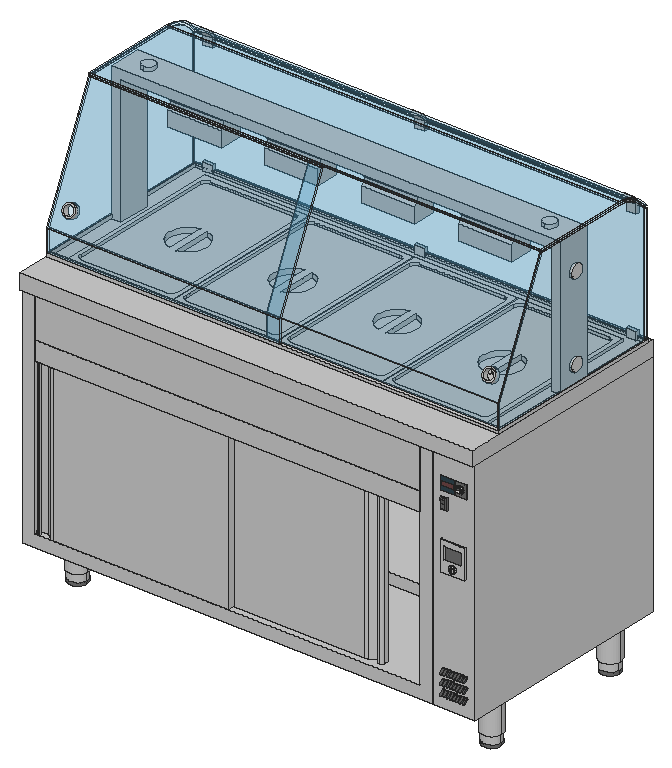
Revit family "QF_INOMAK_MIV714_250606030037", category Specialty Equipment, Revit 2021
Family settings
  Round Connector Dimension = Use Diameter
  Part Type = Normal
  OmniClass Number = 23.40.40.14
  OmniClass Title = Food Service Equipment
  Work Plane-Based = No
  Always vertical = Yes
  Cut with Voids When Loaded = No
  Shared = No
  Room Calculation Point = No
Parameters (values of type "MIV714")
  Weight [instance] = 107.00 kg
  Waste Water Discharge Temperature [instance] = 0 °C
  Waste Remarks [instance] = ""
  Warranty Start Date [instance] = ""
  Warranty Duration [instance] = ""
  Volts [instance] = 400 V
  Volt Free Conn [instance] = no
  URL Recommended Spares List [instance] = ""
  URL Manufacturer [instance] = ""
  URL Cutsheet [instance] = ""
  URL Critical Spares List [instance] = ""
  URL = "www.inomak.com"
  Technical Documentation [instance] = ""
  Tag Number [instance] = ""
  Status [instance] = ""
  Start Up Current [instance] = 0 A
  Specification by User [instance] = ""
  Specification by Manufacturer [instance] = ""
  Sound Level [instance] = ""
  Show Logo [instance] = yes
  Show Clearances [instance] = yes
  Service Life Duration [instance] = ""
  Serial Number [instance] = ""
  Seismic Rating [instance] = ""
  SMACNA No [instance] = ""
  Revision Code [instance] = ""
  Revision [instance] = ""
  Production Year [instance] = ""
  Potential Equalisation [instance] = no
  Point Load [instance] = 0
  Plumbing Remarks [instance] = ""
  Plumbing Connection Type [instance] = ""
  Phase [instance] = 3
  Other Equipment Approvals [instance] = ""
  Operational Current [instance] = 0 A
  Odor Trap Included [instance] = no
  Number of Poles [instance] = 3
  No Load Power Draw [instance] = no
  National Water Regulation Certification [instance] = no
  NAFEM Spec ID Number [instance] = ""
  Model Warning [instance] = ""
  Model = "MIV714"
  Min Ckt Ampacity [instance] = 0 A
  Max Overcurrent Protection [instance] = 25 A
  Masterspec [instance] = ""
  Manufacturer = "INOMAK"
  Main switch integrated [instance] = no
  Length Actual [instance] = 1406 mm
  Item Number [instance] = ""
  Installed By [instance] = ""
  Installation Date [instance] = ""
  Indirect Waste Size [instance] = 25.4 mm
  Indirect Waste Remarks [instance] = ""
  Indirect Waste Flow [instance] = 0.0 L/s
  Indirect Waste Connection Type [instance] = ""
  Indirect Waste Connection Height [instance] = 0 mm
  Identify Quantity as Lot [instance] = no
  ID [instance] = ""
  Hygiene Approval [instance] = ""
  Height Actual [instance] = 1313 mm
  HP power [instance] = ""
  Furnished By [instance] = ""
  Foodservice Equipment Identifier [instance] = no
  FL Amps [instance] = 19.1 A
  Electrical Remarks [instance] = ""
  Electric power [instance] = 4360 W
  Electric Connection Type [instance] = ""
  Elec Conn RI Height [instance] = 0 mm
  Elec Conn Connection Height [instance] = 0 mm
  ETL Approved [instance] = no
  Direct Waste Water Discharge Temperature [instance] = -273.15 °C
  Direct Waste Size [instance] = 25.4 mm
  Direct Waste RI Height [instance] = 0 mm
  Direct Waste Flow [instance] = 0.0 L/s
  Direct Waste Connection Height [instance] = 0 mm
  Description = "BAIN MARIE ON HEATED CUPBOARD WITH 3 GN PANS CAPACITY AND SHOWCASE"
  Depth Actual [instance] = 700 mm
  Default Elevation = 0 mm
  Cycle [instance] = 50 Hz
  Cost = 0
  Connection to energy optimisation system [instance] = yes
  Conn Plug [instance] = ""
  Conn Conduit [instance] = no
  Cold Water Temperature Recommended [instance] = 0 °C
  Cold Water Size [instance] = 12.7 mm
  Cold Water Remarks [instance] = ""
  Cold Water RI Height [instance] = 0 mm
  Cold Water Quality [instance] = ""
  Cold Water Minimum Pressure [instance] = 200000.0 Pa
  Cold Water Maximum Pressure [instance] = 600000.0 Pa
  Cold Water Flow [instance] = 0.0 L/s
  Cold Water Connection Type [instance] = ""
  Cold Water Connection Height [instance] = 0 mm
  Centralized building control system with digital interface [instance] = ""
  CSI MasterFormat [instance] = ""
  CE Approved [instance] = no
  Barcode [instance] = 0
  Author [instance] = ""
  Asset Identifier [instance] = ""
  Apparent Power [instance] = 4360 VA
  Accessory [instance] = no
Reference planes
  plane 1 "Center (Front/Back)": y = 0
  plane 2: z = 0
  plane 3 "Center (Left/Right)": x = 0
Forms (mm)
  Extrusion 1, solid, not visible
    sketch origin (110.005, -510.025, 146.007) x (1, 0, 0) y (0, 1, 0)
      loop
        line (-2, 2) -> (-2, -2) -> (2, -2) -> (2, 2) -> (-2, 2)
    from -2 to 2
  Extrusion 2, solid, not visible
    sketch origin (110.005, -410.02, 146.007) x (1, 0, 0) y (0, 1, 0)
      loop
        line (-2, 2) -> (-2, -2) -> (2, -2) -> (2, 2) -> (-2, 2)
    from -2 to 2
  Extrusion 3, solid, not visible
    sketch origin (1360.066, -635.031, 146.007) x (1, 0, 0) y (0, 1, 0)
      loop
        line (-2, 2) -> (-2, -2) -> (2, -2) -> (2, 2) -> (-2, 2)
    from -2 to 2
Dimensions and locks
  locked: nested 2 to Extrusion 1 at 2  (x2)
  locked: nested 3 to Extrusion 2 at 2  (x2)
  locked: nested 4 to Extrusion 3 at 2  (x2)
  aligned and locked: level to plane 2
Nested families
  nested 1: "QF_INOMAK_CUPBOARD_BAIN_MARIES_1410_2920" at (0, 0, 144), type "MIV714"
    with Weight 107.00 kg, Warranty Start Date "", Warranty Duration "", URL Cutsheet "", Technical Documentation "", Tag Number "", Status "", Specification by User "", Specification by Manufacturer "", Sound Level "", Solid Fuel Type "", Show Logo yes, Show Clearances yes, Service Life Duration "", Serial Number "", Seismic Rating "", SMACNA No "", Revision Code "", Revision "", Production Year "", Point Load 0, Other Equipment Approvals "", NAFEM Spec ID Number "", Model Warning "", Masterspec "", Length Actual 1406 mm, Item Number "", Installed By "", Installation Date "", Identify Quantity as Lot yes, ID "", Hygiene Approval "", Height Actual 1313 mm, Furnished By "", Foodservice Equipment Identifier yes, ETL Approved yes, Depth Actual 700 mm, CSI MasterFormat "", CE Approved yes, Barcode "", Author "", Asset Identifier "", Accessory no
  nested 2: "CONN_POINT_COLDWATER_2D___Generic_Annotation" at (110.005, -510.025, 144.007), type "CONN_POINT_COLDWATER_2D___Generic_Annotation"
    with Onboard connection annotation symbol visibility yes
  nested 3: "CONN_POINT_DRAIN_2D___Generic_Annotation" at (110.005, -410.02, 144.007), type "CONN_POINT_DRAIN_2D___Generic_Annotation"
    with Onboard connection annotation symbol visibility yes
  nested 4: "CONN_POINT_ELE_2D___Generic_Annotation" at (1360.066, -635.031, 144.007), type "CONN_POINT_ELE_2D___Generic_Annotation"
    with Onboard connection annotation symbol visibility yes
  nested 5: "QF_INOMAK_HEAT_WORKTOPS_HTVF_1410_5042" at (0, 0, 900), type "HTVF-1410-630"
    with Weight 0.00 kg, Warranty Start Date "", Warranty Duration "", URL Cutsheet "", Technical Documentation "", Tag Number "", Status "", Specification by User "", Specification by Manufacturer "", Sound Level "", Solid Fuel Type "", Show Logo yes, Show Clearances yes, Service Life Duration "", Serial Number "", Seismic Rating "", SMACNA No "", Revision Code "", Revision "", Production Year "", Point Load 0, Other Equipment Approvals "", NAFEM Spec ID Number "", Model Warning "", Masterspec "", Length Actual 1406 mm, Item Number "", Installed By "", Installation Date "", Identify Quantity as Lot yes, ID "", Hygiene Approval "", Height Actual 440 mm, Furnished By "", Foodservice Equipment Identifier yes, ETL Approved yes, Depth Actual 630 mm, CSI MasterFormat "", CE Approved yes, Barcode "", Author "", Asset Identifier "", Accessory yes
  nested 6: "QF_INOMAK_LEGS_6254" at (0, 0, 0), type "LG-1410-700"
    with Weight 0.00 kg, Warranty Start Date "", Warranty Duration "", URL Cutsheet "", Technical Documentation "", Tag Number "", Status "", Specification by User "", Specification by Manufacturer "", Sound Level "", Solid Fuel Type "", Show Logo yes, Show Clearances yes, Service Life Duration "", Serial Number "", Seismic Rating "", SMACNA No "", Revision Code "", Revision "", Production Year "", Point Load 0, Other Equipment Approvals "", NAFEM Spec ID Number "", Model Warning "", Masterspec "", Length Actual 1406 mm, Item Number "", Installed By "", Installation Date "", Identify Quantity as Lot yes, ID "", Hygiene Approval "", Height Actual 144 mm, Furnished By "", Foodservice Equipment Identifier yes, ETL Approved yes, Depth Actual 700 mm, CSI MasterFormat "", CE Approved yes, Barcode "", Author "", Asset Identifier "", Accessory yes
Connectors
  piping at (110.005, -510.025, 144.007), diameter 12.7, driven by "Cold Water Size", driven by "Cold Water Flow"
    settings: on Extrusion 1, index 1, connector inside diameter 609.6 mm, connector length 0 mm, flow factor 0, pipe flow 0.0 L/s, pressure drop 0.0 Pa, fitting loss kfactor 0, connector angle 0.00°, fixture units 0, engagement length 0 mm, angle of deflection 0.00°, flow configuration 1, flow direction 1, fitting loss method 0, system type 20, joint type 0, gender type 0, connector reference index -1, connector utility 0, adjustable connector no, is connector primary yes, connector description "Cold Water connection for MIV714"
  piping at (110.005, -410.02, 144.007), diameter 25.4, driven by "Indirect Waste Size", driven by "Direct Waste Flow"
    settings: on Extrusion 2, index 2, connector inside diameter 609.6 mm, connector length 0 mm, flow factor 0, pipe flow 0.0 L/s, pressure drop 0.0 Pa, fitting loss kfactor 0, connector angle 0.00°, fixture units 0, engagement length 0 mm, angle of deflection 0.00°, flow configuration 1, flow direction 2, fitting loss method 0, system type 16, joint type 0, gender type 0, connector reference index -1, connector utility 0, adjustable connector no, is connector primary no, connector description "Waste connection for MIV714"
  electrical at (1360.066, -635.031, 144.007), driven by "Apparent Power", driven by "Number of Poles", driven by "Volts"
    settings: on Extrusion 3, index 3, voltage 400 V, apparent load 0 VA, apparent load phase1 4360 VA, apparent load phase2 0 VA, apparent load phase3 0 VA, power factor 1, load classification "Other", number of poles 3, system type 31, power factor state 1, is connector primary yes, connector utility no, sub classification motor no, connector description "Electrical connection for MIV714"
Definition of nested family "QF_INOMAK_CUPBOARD_BAIN_MARIES_1410_2920"
  Parameters (values of type "MFV714")
    Weight [instance] = 0.00 kg
    Warranty Start Date [instance] = ""
    Warranty Duration [instance] = ""
    URL Cutsheet [instance] = ""
    URL = "www.inomak.com"
    Technical Documentation [instance] = ""
    Tag Number [instance] = ""
    Status [instance] = ""
    Specification by User [instance] = ""
    Specification by Manufacturer [instance] = ""
    Sound Level [instance] = ""
    Solid Fuel Type [instance] = ""
    Show Logo [instance] = yes
    Show Clearances [instance] = yes
    Service Life Duration [instance] = ""
    Serial Number [instance] = ""
    Seismic Rating [instance] = ""
    SMACNA No [instance] = ""
    Revision Code [instance] = ""
    Revision [instance] = ""
    Production Year [instance] = ""
    Point Load [instance] = 0
    Other Equipment Approvals [instance] = ""
    NAFEM Spec ID Number [instance] = ""
    Model Warning [instance] = ""
    Model = "MFV714"
    Masterspec [instance] = ""
    Manufacturer = "INOMAK"
    Length Actual [instance] = 0 mm
    Item Number [instance] = ""
    Installed By [instance] = ""
    Installation Date [instance] = ""
    Identify Quantity as Lot [instance] = yes
    ID [instance] = ""
    Hygiene Approval [instance] = ""
    Height Actual [instance] = 0 mm
    Furnished By [instance] = ""
    Foodservice Equipment Identifier [instance] = yes
    ETL Approved [instance] = yes
    Description = "BAIN MARIE ON CUPBOARD WITH 3 GN PANS CAPACITY AND SHOWCASE"
    Depth Actual [instance] = 0 mm
    Default Elevation = 0 mm
    CSI MasterFormat [instance] = ""
    CE Approved [instance] = yes
    Barcode [instance] = ""
    Author [instance] = ""
    Asset Identifier [instance] = ""
    Assembly Code = "E1090320"
    Accessory [instance] = yes
  Types (10, lengths in mm): name | Model | Description
    MFV714 | "MFV714" | "BAIN MARIE ON CUPBOARD WITH 3 GN PANS CAPACITY AND SHOWCASE"
    MDV714 | "MDV714" | "BAIN MARIE ON CUPBOARD WITH 3 GN PANS CAPACITY"
    MVV714 | "MVV714" | "BAIN MARIE ON CUPBOARD WITH 3 GN PANS CAPACITY AND SINGLE SNEEZE GUARD"
    MRV714 | "MRV714" | "BAIN MARIE ON CUPBOARD WITH 3 GN PANS CAPACITY AND DOUBLE SNEEZE GUARD"
    MFSQ714 | "MFSQ714" | "BAIN MARIE ON CUPBOARD WITH 3 GN PANS CAPACITY AND SQUARE SHOWCASE"
    MIV714 | "MIV714" | "BAIN MARIE ON HEATED CUPBOARD WITH 3 GN PANS CAPACITY AND SHOWCASE"
    MHV714 | "MHV714" | "BAIN MARIE ON HEATED CUPBOARD WITH 3 GN PANS CAPACITY"
    MJV714 | "MJV714" | "BAIN MARIE ON HEATED CUPBOARD WITH 3 GN PANS CAPACITY AND SINGLE SNEEZE GUARD"
    MQV714 | "MQV714" | "BAIN MARIE ON HEATED CUPBOARD WITH 3 GN PANS CAPACITY AND DOUBLE SNEEZE GUARD"
    MISQ714 | "MISQ714" | "BAIN MARIE ON HEATED CUPBOARD WITH 3 GN PANS CAPACITY AND SQUARE SHOWCASE"
  Reference planes
    plane 1 "Back": y = 0
    plane 2: z = 0
    plane 3 "Left": x = 0
    plane 4 "Right": x = 1406
    plane 5 "Front": y = -700
    plane 6 "Top": z = 756
  Forms (mm)
    Extrusion 1, solid
      sketch origin (784.283, -707, -123.631) x (-1, 0, 0) y (0, 0, 1)
        loop
          arc (-522.253, 235.165) -> (-526.351, 236.263) -> (-527.449, 232.165) r 3
          line (-527.449, 232.165) -> (-518.449, 216.577)
          arc (-518.449, 216.577) -> (-514.351, 215.479) -> (-513.253, 219.577) r 3
          line (-513.253, 219.577) -> (-522.253, 235.165)
        loop
          arc (-532.253, 235.165) -> (-536.351, 236.263) -> (-537.449, 232.165) r 3
          line (-537.449, 232.165) -> (-528.449, 216.577)
          arc (-528.449, 216.577) -> (-524.351, 215.479) -> (-523.253, 219.577) r 3
          line (-523.253, 219.577) -> (-532.253, 235.165)
        loop
          arc (-542.253, 235.165) -> (-546.351, 236.263) -> (-547.449, 232.165) r 3
          line (-547.449, 232.165) -> (-538.449, 216.577)
          arc (-538.449, 216.577) -> (-534.351, 215.479) -> (-533.253, 219.577) r 3
          line (-533.253, 219.577) -> (-542.253, 235.165)
        loop
          arc (-552.253, 235.165) -> (-556.351, 236.263) -> (-557.449, 232.165) r 3
          line (-557.449, 232.165) -> (-548.449, 216.577)
          arc (-548.449, 216.577) -> (-544.351, 215.479) -> (-543.253, 219.577) r 3
          line (-543.253, 219.577) -> (-552.253, 235.165)
        loop
          arc (-562.253, 235.165) -> (-566.351, 236.263) -> (-567.449, 232.165) r 3
          line (-567.449, 232.165) -> (-558.449, 216.577)
          arc (-558.449, 216.577) -> (-554.351, 215.479) -> (-553.253, 219.577) r 3
          line (-553.253, 219.577) -> (-562.253, 235.165)
        loop
          arc (-572.253, 235.165) -> (-576.351, 236.263) -> (-577.449, 232.165) r 3
          line (-577.449, 232.165) -> (-568.449, 216.577)
          arc (-568.449, 216.577) -> (-564.351, 215.479) -> (-563.253, 219.577) r 3
          line (-563.253, 219.577) -> (-572.253, 235.165)
        loop
          arc (-582.253, 235.165) -> (-586.351, 236.263) -> (-587.449, 232.165) r 3
          line (-587.449, 232.165) -> (-578.449, 216.577)
          arc (-578.449, 216.577) -> (-574.351, 215.479) -> (-573.253, 219.577) r 3
          line (-573.253, 219.577) -> (-582.253, 235.165)
        loop
          arc (-592.253, 235.165) -> (-596.351, 236.263) -> (-597.449, 232.165) r 3
          line (-597.449, 232.165) -> (-588.449, 216.577)
          arc (-588.449, 216.577) -> (-584.351, 215.479) -> (-583.253, 219.577) r 3
          line (-583.253, 219.577) -> (-592.253, 235.165)
        loop
          arc (-522.253, 205.165) -> (-526.351, 206.263) -> (-527.449, 202.165) r 3
          line (-527.449, 202.165) -> (-518.449, 186.577)
          arc (-518.449, 186.577) -> (-514.351, 185.479) -> (-513.253, 189.577) r 3
          line (-513.253, 189.577) -> (-522.253, 205.165)
        loop
          arc (-532.253, 205.165) -> (-536.351, 206.263) -> (-537.449, 202.165) r 3
          line (-537.449, 202.165) -> (-528.449, 186.577)
          arc (-528.449, 186.577) -> (-524.351, 185.479) -> (-523.253, 189.577) r 3
          line (-523.253, 189.577) -> (-532.253, 205.165)
        loop
          arc (-542.253, 205.165) -> (-546.351, 206.263) -> (-547.449, 202.165) r 3
          line (-547.449, 202.165) -> (-538.449, 186.577)
          arc (-538.449, 186.577) -> (-534.351, 185.479) -> (-533.253, 189.577) r 3
          line (-533.253, 189.577) -> (-542.253, 205.165)
        loop
          arc (-552.253, 205.165) -> (-556.351, 206.263) -> (-557.449, 202.165) r 3
          line (-557.449, 202.165) -> (-548.449, 186.577)
          arc (-548.449, 186.577) -> (-544.351, 185.479) -> (-543.253, 189.577) r 3
          line (-543.253, 189.577) -> (-552.253, 205.165)
        loop
          arc (-562.253, 205.165) -> (-566.351, 206.263) -> (-567.449, 202.165) r 3
          line (-567.449, 202.165) -> (-558.449, 186.577)
          arc (-558.449, 186.577) -> (-554.351, 185.479) -> (-553.253, 189.577) r 3
          line (-553.253, 189.577) -> (-562.253, 205.165)
        loop
          arc (-572.253, 205.165) -> (-576.351, 206.263) -> (-577.449, 202.165) r 3
          line (-577.449, 202.165) -> (-568.449, 186.577)
          arc (-568.449, 186.577) -> (-564.351, 185.479) -> (-563.253, 189.577) r 3
          line (-563.253, 189.577) -> (-572.253, 205.165)
        loop
          arc (-582.253, 205.165) -> (-586.351, 206.263) -> (-587.449, 202.165) r 3
          line (-587.449, 202.165) -> (-578.449, 186.577)
          arc (-578.449, 186.577) -> (-574.351, 185.479) -> (-573.253, 189.577) r 3
          line (-573.253, 189.577) -> (-582.253, 205.165)
        loop
          arc (-592.253, 205.165) -> (-596.351, 206.263) -> (-597.449, 202.165) r 3
          line (-597.449, 202.165) -> (-588.449, 186.577)
          arc (-588.449, 186.577) -> (-584.351, 185.479) -> (-583.253, 189.577) r 3
          line (-583.253, 189.577) -> (-592.253, 205.165)
        loop
          arc (-522.253, 175.165) -> (-526.351, 176.263) -> (-527.449, 172.165) r 3
          line (-527.449, 172.165) -> (-518.449, 156.577)
          arc (-518.449, 156.577) -> (-514.351, 155.479) -> (-513.253, 159.577) r 3
          line (-513.253, 159.577) -> (-522.253, 175.165)
        loop
          arc (-532.253, 175.165) -> (-536.351, 176.263) -> (-537.449, 172.165) r 3
          line (-537.449, 172.165) -> (-528.449, 156.577)
          arc (-528.449, 156.577) -> (-524.351, 155.479) -> (-523.253, 159.577) r 3
          line (-523.253, 159.577) -> (-532.253, 175.165)
        loop
          arc (-542.253, 175.165) -> (-546.351, 176.263) -> (-547.449, 172.165) r 3
          line (-547.449, 172.165) -> (-538.449, 156.577)
          arc (-538.449, 156.577) -> (-534.351, 155.479) -> (-533.253, 159.577) r 3
          line (-533.253, 159.577) -> (-542.253, 175.165)
        loop
          arc (-552.253, 175.165) -> (-556.351, 176.263) -> (-557.449, 172.165) r 3
          line (-557.449, 172.165) -> (-548.449, 156.577)
          arc (-548.449, 156.577) -> (-544.351, 155.479) -> (-543.253, 159.577) r 3
          line (-543.253, 159.577) -> (-552.253, 175.165)
        loop
          arc (-562.253, 175.165) -> (-566.351, 176.263) -> (-567.449, 172.165) r 3
          line (-567.449, 172.165) -> (-558.449, 156.577)
          arc (-558.449, 156.577) -> (-554.351, 155.479) -> (-553.253, 159.577) r 3
          line (-553.253, 159.577) -> (-562.253, 175.165)
        loop
          arc (-572.253, 175.165) -> (-576.351, 176.263) -> (-577.449, 172.165) r 3
          line (-577.449, 172.165) -> (-568.449, 156.577)
          arc (-568.449, 156.577) -> (-564.351, 155.479) -> (-563.253, 159.577) r 3
          line (-563.253, 159.577) -> (-572.253, 175.165)
        loop
          arc (-582.253, 175.165) -> (-586.351, 176.263) -> (-587.449, 172.165) r 3
          line (-587.449, 172.165) -> (-578.449, 156.577)
          arc (-578.449, 156.577) -> (-574.351, 155.479) -> (-573.253, 159.577) r 3
          line (-573.253, 159.577) -> (-582.253, 175.165)
        loop
          arc (-592.253, 175.165) -> (-596.351, 176.263) -> (-597.449, 172.165) r 3
          line (-597.449, 172.165) -> (-588.449, 156.577)
          arc (-588.449, 156.577) -> (-584.351, 155.479) -> (-583.253, 159.577) r 3
          line (-583.253, 159.577) -> (-592.253, 175.165)
      from 16.5 to 18.5
    Extrusion 2, solid
      sketch origin (1092.266, -692, 538.514) x (-1, 0, 0) y (0, 0, 1)
        loop
          line (-208.234, 108.408) -> (-253.234, 108.408) -> (-253.234, 68.408) -> (-208.234, 68.408) -> (-208.234, 108.408)
      from 0 to 2
    Extrusion 3, solid
      sketch origin (370.5, -693, 539.422) x (-1, 0, 0) y (0, 0, 1)
        loop
          line (-950, 15) -> (-930, 15) -> (-930, 50) -> (-950, 50) -> (-950, 15)
      from 0 to 3
    Extrusion 4, solid
      sketch origin (398.5, -568, 539.422) x (0, 1, 0) y (0, 0, 1)
        loop
          line (-125, 18) -> (-125, 47)
          arc (-125, 47) -> (-127.961, 46.812) -> (-130.754, 45.81) r 10.576
          line (-130.754, 45.81) -> (-128, 32.5) -> (-128, 18) -> (-125, 18)
      from 905 to 919
    Extrusion 5, solid
      sketch origin (1137.266, -692, 538.514) x (-1, 0, 0) y (0, 0, 1)
        loop
          line (-208.234, 108.408) -> (-243.234, 108.408) -> (-243.234, 68.408) -> (-208.234, 68.408) -> (-208.234, 108.408)
      from 0 to 2
    Extrusion 6, solid
      sketch origin (1092.266, -692.5, 538.514) x (-1, 0, 0) y (0, 0, 1)
        loop
          line (-213.234, 94.908) -> (-248.234, 94.908) -> (-248.234, 81.908) -> (-213.234, 81.908) -> (-213.234, 94.908)
      from 0 to 2.5
    Extrusion 7, solid
      sketch origin (1092.266, -692.5, 538.514) x (-1, 0, 0) y (0, 0, 1)
        loop
          line (-271.558, 91.171) -> (-275.802, 98.522) -> (-280.047, 91.171) -> (-271.558, 91.171)
        loop
          line (-271.558, 85.645) -> (-280.047, 85.645) -> (-275.802, 78.294) -> (-271.558, 85.645)
        loop
          line (-257.397, 85.645) -> (-267.397, 85.645) -> (-267.397, 78.294) -> (-257.397, 78.294) -> (-257.397, 85.645)
        loop
          line (-265.397, 98.522) -> (-267.397, 98.522) -> (-267.397, 92.322) -> (-259.549, 92.322) -> (-259.549, 91.171) -> (-257.397, 93.322) -> (-259.549, 95.474) -> (-259.549, 94.322) -> (-265.397, 94.322) -> (-265.397, 98.522)
      from 0 to 2.5
    Extrusion 8, solid
      sketch origin (-2, 0, 492) x (1, 0, 0) y (0, 1, 0)
        loop
          line (55, -50) -> (55, -580) -> (380, -580) -> (380, -50) -> (55, -50)
        loop
          arc (87.5, -65) -> (73.358, -70.858) -> (67.5, -85) r 20
          line (67.5, -85) -> (67.5, -545.415)
          arc (67.5, -545.415) -> (73.358, -559.557) -> (87.5, -565.415) r 20
          line (87.5, -565.415) -> (347.5, -565.415)
          arc (347.5, -565.415) -> (361.642, -559.557) -> (367.5, -545.415) r 20
          line (367.5, -545.415) -> (367.5, -85)
          arc (367.5, -85) -> (361.642, -70.858) -> (347.5, -65) r 20
          line (347.5, -65) -> (87.5, -65)
      from 218 to 270
    Extrusion 9, solid
      sketch origin (-2, 0, 485) x (1, 0, 0) y (0, 1, 0)
        loop
          arc (67.5, -545.415) -> (73.358, -559.557) -> (87.5, -565.415) r 20
          line (87.5, -565.415) -> (347.5, -565.415)
          arc (347.5, -565.415) -> (361.642, -559.557) -> (367.5, -545.415) r 20
          line (367.5, -545.415) -> (367.5, -85)
          arc (367.5, -85) -> (361.642, -70.858) -> (347.5, -65) r 20
          line (347.5, -65) -> (87.5, -65)
          arc (87.5, -65) -> (73.358, -70.858) -> (67.5, -85) r 20
          line (67.5, -85) -> (67.5, -545.415)
      from 225 to 270
    Extrusion 10, void
      sketch origin (-2, 0, 500) x (1, 0, 0) y (0, 1, 0)
        loop
          arc (207.5, -256.046) -> (157.5, -315.207) -> (207.5, -374.368) r 60
          line (207.5, -374.368) -> (207.5, -256.046)
        loop
          line (227.5, -256.046) -> (227.5, -374.368)
          arc (227.5, -374.368) -> (277.5, -315.207) -> (227.5, -256.046) r 60
      from 240 to 270
    Extrusion 11, solid
      sketch origin (323, 0, 492) x (1, 0, 0) y (0, 1, 0)
        loop
          line (55, -50) -> (55, -580) -> (380, -580) -> (380, -50) -> (55, -50)
        loop
          arc (87.5, -65) -> (73.358, -70.858) -> (67.5, -85) r 20
          line (67.5, -85) -> (67.5, -545.415)
          arc (67.5, -545.415) -> (73.358, -559.557) -> (87.5, -565.415) r 20
          line (87.5, -565.415) -> (347.5, -565.415)
          arc (347.5, -565.415) -> (361.642, -559.557) -> (367.5, -545.415) r 20
          line (367.5, -545.415) -> (367.5, -85)
          arc (367.5, -85) -> (361.642, -70.858) -> (347.5, -65) r 20
          line (347.5, -65) -> (87.5, -65)
      from 218 to 270
    Extrusion 12, solid
      sketch origin (323, 0, 485) x (1, 0, 0) y (0, 1, 0)
        loop
          arc (67.5, -545.415) -> (73.358, -559.557) -> (87.5, -565.415) r 20
          line (87.5, -565.415) -> (347.5, -565.415)
          arc (347.5, -565.415) -> (361.642, -559.557) -> (367.5, -545.415) r 20
          line (367.5, -545.415) -> (367.5, -85)
          arc (367.5, -85) -> (361.642, -70.858) -> (347.5, -65) r 20
          line (347.5, -65) -> (87.5, -65)
          arc (87.5, -65) -> (73.358, -70.858) -> (67.5, -85) r 20
          line (67.5, -85) -> (67.5, -545.415)
      from 225 to 270
    Extrusion 13, void
      sketch origin (323, 0, 500) x (1, 0, 0) y (0, 1, 0)
        loop
          arc (207.5, -256.046) -> (157.5, -315.207) -> (207.5, -374.368) r 60
          line (207.5, -374.368) -> (207.5, -256.046)
        loop
          line (227.5, -256.046) -> (227.5, -374.368)
          arc (227.5, -374.368) -> (277.5, -315.207) -> (227.5, -256.046) r 60
      from 240 to 270
    Extrusion 14, solid
      sketch origin (973, 0, 492) x (1, 0, 0) y (0, 1, 0)
        loop
          line (55, -50) -> (55, -580) -> (380, -580) -> (380, -50) -> (55, -50)
        loop
          arc (87.5, -65) -> (73.358, -70.858) -> (67.5, -85) r 20
          line (67.5, -85) -> (67.5, -545.415)
          arc (67.5, -545.415) -> (73.358, -559.557) -> (87.5, -565.415) r 20
          line (87.5, -565.415) -> (347.5, -565.415)
          arc (347.5, -565.415) -> (361.642, -559.557) -> (367.5, -545.415) r 20
          line (367.5, -545.415) -> (367.5, -85)
          arc (367.5, -85) -> (361.642, -70.858) -> (347.5, -65) r 20
          line (347.5, -65) -> (87.5, -65)
      from 218 to 270
    Extrusion 15, solid
      sketch origin (973, 0, 485) x (1, 0, 0) y (0, 1, 0)
        loop
          arc (67.5, -545.415) -> (73.358, -559.557) -> (87.5, -565.415) r 20
          line (87.5, -565.415) -> (347.5, -565.415)
          arc (347.5, -565.415) -> (361.642, -559.557) -> (367.5, -545.415) r 20
          line (367.5, -545.415) -> (367.5, -85)
          arc (367.5, -85) -> (361.642, -70.858) -> (347.5, -65) r 20
          line (347.5, -65) -> (87.5, -65)
          arc (87.5, -65) -> (73.358, -70.858) -> (67.5, -85) r 20
          line (67.5, -85) -> (67.5, -545.415)
      from 225 to 270
    Extrusion 16, void
      sketch origin (973, 0, 500) x (1, 0, 0) y (0, 1, 0)
        loop
          arc (207.5, -256.046) -> (157.5, -315.207) -> (207.5, -374.368) r 60
          line (207.5, -374.368) -> (207.5, -256.046)
        loop
          line (227.5, -256.046) -> (227.5, -374.368)
          arc (227.5, -374.368) -> (277.5, -315.207) -> (227.5, -256.046) r 60
      from 240 to 270
    Extrusion 17, solid
      sketch origin (0, 0, 710) x (1, 0, 0) y (0, 1, 0)
        loop
          line (0, 0) -> (0, -700) -> (1406, -700) -> (1406, 0) -> (0, 0)
        loop
          line (53, -50) -> (53, -580) -> (1353, -580) -> (1353, -50) -> (53, -50)
      from 0 to 46
    Extrusion 18, solid
      sketch origin (0, 0, 0) x (1, 0, 0) y (0, 1, 0)
        loop
          line (0, -690) -> (40, -690) -> (40, -40) -> (1235, -40) -> (1235, -690) -> (1275, -690) -> (1275, 0) -> (0, 0) -> (0, -690)
      from 0 to 710
    Extrusion 19, solid
      sketch origin (303, 0, 0) x (1, 0, 0) y (0, 1, 0)
        loop
          line (972, 0) -> (972, -690) -> (1103, -690) -> (1103, 0) -> (972, 0)
      from 0 to 710
    Extrusion 20, solid
      sketch origin (-130, -690, 0) x (-1, 0, 0) y (0, 1, 0)
        loop
          line (-170, 10) -> (-170, 20) -> (-770, 20) -> (-770, 0) -> (-226.156, 0)
          arc (-226.156, 0) -> (-220.272, 0.885) -> (-214.91, 3.461) r 20
          line (-214.91, 3.461) -> (-195, 17) -> (-173, 17) -> (-173, 10)
          arc (-173, 10) -> (-175.05, 5.05) -> (-180, 3) r 7
          line (-180, 3) -> (-185.012, 3) -> (-185.012, 0) -> (-180, 0)
          arc (-180, 0) -> (-172.929, 2.929) -> (-170, 10) r 10
      from -40 to -520
    Extrusion 21, solid
      sketch origin (173, -690, 0) x (-1, 0, 0) y (0, 1, 0)
        loop
          arc (-930, 30) -> (-927.071, 22.929) -> (-920, 20) r 10
          line (-920, 20) -> (-914.988, 20) -> (-914.988, 23) -> (-920, 23)
          arc (-920, 23) -> (-924.95, 25.05) -> (-927, 30) r 7
          line (-927, 30) -> (-927, 37) -> (-905, 37) -> (-885.09, 23.461)
          arc (-885.09, 23.461) -> (-879.728, 20.885) -> (-873.844, 20) r 20
          line (-873.844, 20) -> (-325, 20) -> (-325, 40) -> (-930, 40) -> (-930, 30)
      from -40 to -520
    Extrusion 22, solid
      sketch origin (0, 0, 0) x (1, 0, 0) y (0, 1, 0)
        loop
          line (40, -40) -> (40, -690) -> (1235, -690) -> (1235, -40) -> (40, -40)
      from 0 to 40
    Extrusion 23, solid
      sketch origin (0, 0, 672.314) x (1, 0, 0) y (0, 1, 0)
        loop
          line (40, -40) -> (40, -690) -> (1235, -690) -> (1235, -40) -> (40, -40)
      from -92.314 to 37.686
    Extrusion 24, solid
      sketch origin (0, 0, 610.314) x (1, 0, 0) y (0, 1, 0)
        loop
          line (40, -40) -> (40, -690) -> (1235, -690) -> (1235, -40) -> (40, -40)
      from -90.314 to -30.314
    Extrusion 25, solid
      sketch origin (-2, 0, 252.5) x (1, 0, 0) y (0, 1, 0)
        loop
          line (42, -40) -> (42, -645) -> (1237, -645) -> (1237, -40) -> (42, -40)
      from 0 to 35
    Extrusion 26, solid
      sketch origin (310.002, -695, 50) x (-1, 0, 0) y (0, 0, 1)
        loop
          line (-992.998, 421.076) -> (-1067.998, 421.076) -> (-1067.998, 331.076) -> (-992.998, 331.076) -> (-992.998, 421.076)
        loop
          line (-1003.957, 406.276) -> (-1058.957, 406.276) -> (-1058.957, 366.276) -> (-1003.957, 366.276) -> (-1003.957, 406.276)
      from 0 to 5
    Extrusion 27, solid
      sketch origin (310.002, -692, 50) x (-1, 0, 0) y (0, 0, 1)
        loop
          line (-1003.957, 406.276) -> (-1058.957, 406.276) -> (-1058.957, 366.276) -> (-1003.957, 366.276) -> (-1003.957, 406.276)
      from 0 to 2
    Revolve 28, solid
      sketch origin (1340.5, 59.612, -3292.415) x (0, 1, 0) y (0, 0, 1)
        loop
          line (-757.012, 3691.152) -> (-754.612, 3691.152) -> (-754.612, 3701.789) -> (-757.662, 3701.789) -> (-759.012, 3699.998) -> (-757.012, 3699.998) -> (-757.012, 3691.152)
        axis (-754.612, 3691.152) -> (-759.012, 3691.152)
      angle from 0 to 360
    Extrusion 29, solid
      sketch origin (-751.127, -695, 2689.585) x (-1, 0, 0) y (0, 0, 1)
        loop
          line (-2090.827, -2287.348) -> (-2092.827, -2287.348) -> (-2092.827, -2294.348) -> (-2090.827, -2294.348) -> (-2090.827, -2287.348)
        loop
          circle (-2091.627, -2290.848) r 7.846
      from -4.4 to -2.4
    Extrusion 30, solid
      sketch origin (648, 0, 492) x (1, 0, 0) y (0, 1, 0)
        loop
          line (55, -50) -> (55, -580) -> (380, -580) -> (380, -50) -> (55, -50)
        loop
          arc (87.5, -65) -> (73.358, -70.858) -> (67.5, -85) r 20
          line (67.5, -85) -> (67.5, -545.415)
          arc (67.5, -545.415) -> (73.358, -559.557) -> (87.5, -565.415) r 20
          line (87.5, -565.415) -> (347.5, -565.415)
          arc (347.5, -565.415) -> (361.642, -559.557) -> (367.5, -545.415) r 20
          line (367.5, -545.415) -> (367.5, -85)
          arc (367.5, -85) -> (361.642, -70.858) -> (347.5, -65) r 20
          line (347.5, -65) -> (87.5, -65)
      from 218 to 270
    Extrusion 31, solid
      sketch origin (648, 0, 485) x (1, 0, 0) y (0, 1, 0)
        loop
          arc (67.5, -545.415) -> (73.358, -559.557) -> (87.5, -565.415) r 20
          line (87.5, -565.415) -> (347.5, -565.415)
          arc (347.5, -565.415) -> (361.642, -559.557) -> (367.5, -545.415) r 20
          line (367.5, -545.415) -> (367.5, -85)
          arc (367.5, -85) -> (361.642, -70.858) -> (347.5, -65) r 20
          line (347.5, -65) -> (87.5, -65)
          arc (87.5, -65) -> (73.358, -70.858) -> (67.5, -85) r 20
          line (67.5, -85) -> (67.5, -545.415)
      from 225 to 270
    Extrusion 32, void
      sketch origin (648, 0, 500) x (1, 0, 0) y (0, 1, 0)
        loop
          arc (207.5, -256.046) -> (157.5, -315.207) -> (207.5, -374.368) r 60
          line (207.5, -374.368) -> (207.5, -256.046)
        loop
          line (227.5, -256.046) -> (227.5, -374.368)
          arc (227.5, -374.368) -> (277.5, -315.207) -> (227.5, -256.046) r 60
      from 240 to 270
  Cuts and joins
    Extrusion 10, Extrusion 13 cuts Extrusion 9
    Extrusion 13, Extrusion 16, Extrusion 32 cuts Extrusion 12
    Extrusion 16 cuts Extrusion 15
    joined: Extrusion 18, Extrusion 22
    Extrusion 32 cuts Extrusion 31
  Lines and regions (mm)
    symbolic lines
      curve 1: line (0, 0, 0) -> (1406, 0, 0)
      curve 2: line (0, -700, 0) -> (0, 0, 0)
      curve 3: line (1406, -700, 0) -> (0, -700, 0)
      curve 4: line (1406, 0, 0) -> (1406, -700, 0)
      curve 5: line (53, -50, 0) -> (1353, -50, 0)
      curve 6: line (53, -580, 0) -> (53, -50, 0)
      curve 7: line (1353, -580, 0) -> (53, -580, 0)
      curve 8: line (703, -50, 0) -> (703, -580, 0)
      curve 9: line (378, -50, 0) -> (378, -580, 0)
      curve 10: line (1353, -50, 0) -> (1353, -580, 0)
      curve 11: line (1028, -50, 0) -> (1028, -580, 0)
      curve 12: line (85.5, -65, 0) -> (345.5, -65, 0)
      curve 13: arc (345.5, -65, 0) -> (359.642, -70.858, 0) -> (365.5, -85, 0) r 20
      curve 14: line (365.5, -85, 0) -> (365.5, -545.415, 0)
      curve 15: arc (365.5, -545.415, 0) -> (359.642, -559.557, 0) -> (345.5, -565.415, 0) r 20
      curve 16: line (345.5, -565.415, 0) -> (85.5, -565.415, 0)
      curve 17: arc (85.5, -565.415, 0) -> (71.358, -559.557, 0) -> (65.5, -545.415, 0) r 20
      curve 18: line (65.5, -545.415, 0) -> (65.5, -85, 0)
      curve 19: arc (65.5, -85, 0) -> (71.358, -70.858, 0) -> (85.5, -65, 0) r 20
      curve 20: arc (205.5, -256.046, 0) -> (155.5, -315.207, 0) -> (205.5, -374.368, 0) r 60
      curve 21: line (205.5, -374.368, 0) -> (205.5, -256.046, 0)
      curve 22: line (225.5, -256.046, 0) -> (225.5, -374.368, 0)
      curve 23: arc (225.5, -374.368, 0) -> (275.5, -315.207, 0) -> (225.5, -256.046, 0) r 60
      curve 24: arc (390.5, -85, 0) -> (396.358, -70.858, 0) -> (410.5, -65, 0) r 20
      curve 25: line (410.5, -65, 0) -> (670.5, -65, 0)
      curve 26: arc (670.5, -65, 0) -> (684.642, -70.858, 0) -> (690.5, -85, 0) r 20
      curve 27: line (690.5, -85, 0) -> (690.5, -545.415, 0)
      curve 28: arc (690.5, -545.415, 0) -> (684.642, -559.557, 0) -> (670.5, -565.415, 0) r 20
      curve 29: line (670.5, -565.415, 0) -> (410.5, -565.415, 0)
      curve 30: arc (410.5, -565.415, 0) -> (396.358, -559.557, 0) -> (390.5, -545.415, 0) r 20
      curve 31: line (390.5, -545.415, 0) -> (390.5, -85, 0)
      curve 32: arc (530.5, -256.046, 0) -> (480.5, -315.207, 0) -> (530.5, -374.368, 0) r 60
      curve 33: line (530.5, -374.368, 0) -> (530.5, -256.046, 0)
      curve 34: line (550.5, -256.046, 0) -> (550.5, -374.368, 0)
      curve 35: arc (550.5, -374.368, 0) -> (600.5, -315.207, 0) -> (550.5, -256.046, 0) r 60
      curve 36: line (715.5, -545.415, 0) -> (715.5, -85, 0)
      curve 37: arc (715.5, -85, 0) -> (721.358, -70.858, 0) -> (735.5, -65, 0) r 20
      curve 38: line (735.5, -65, 0) -> (995.5, -65, 0)
      curve 39: arc (995.5, -65, 0) -> (1009.642, -70.858, 0) -> (1015.5, -85, 0) r 20
      curve 40: line (1015.5, -85, 0) -> (1015.5, -545.415, 0)
      curve 41: arc (1015.5, -545.415, 0) -> (1009.642, -559.557, 0) -> (995.5, -565.415, 0) r 20
      curve 42: line (995.5, -565.415, 0) -> (735.5, -565.415, 0)
      curve 43: arc (735.5, -565.415, 0) -> (721.358, -559.557, 0) -> (715.5, -545.415, 0) r 20
      curve 44: arc (855.5, -256.046, 0) -> (805.5, -315.207, 0) -> (855.5, -374.368, 0) r 60
      curve 45: line (855.5, -374.368, 0) -> (855.5, -256.046, 0)
      curve 46: line (875.5, -256.046, 0) -> (875.5, -374.368, 0)
      curve 47: arc (875.5, -374.368, 0) -> (925.5, -315.207, 0) -> (875.5, -256.046, 0) r 60
      curve 48: line (1060.5, -65, 0) -> (1320.5, -65, 0)
      curve 49: arc (1320.5, -65, 0) -> (1334.642, -70.858, 0) -> (1340.5, -85, 0) r 20
      curve 50: line (1340.5, -85, 0) -> (1340.5, -545.415, 0)
      curve 51: arc (1340.5, -545.415, 0) -> (1334.642, -559.557, 0) -> (1320.5, -565.415, 0) r 20
      curve 52: line (1320.5, -565.415, 0) -> (1060.5, -565.415, 0)
      curve 53: arc (1060.5, -565.415, 0) -> (1046.358, -559.557, 0) -> (1040.5, -545.415, 0) r 20
      curve 54: line (1040.5, -545.415, 0) -> (1040.5, -85, 0)
      curve 55: arc (1040.5, -85, 0) -> (1046.358, -70.858, 0) -> (1060.5, -65, 0) r 20
      curve 56: arc (1180.5, -256.046, 0) -> (1130.5, -315.207, 0) -> (1180.5, -374.368, 0) r 60
      curve 57: line (1180.5, -374.368, 0) -> (1180.5, -256.046, 0)
      curve 58: line (1200.5, -256.046, 0) -> (1200.5, -374.368, 0)
      curve 59: arc (1200.5, -374.368, 0) -> (1250.5, -315.207, 0) -> (1200.5, -256.046, 0) r 60
  Dimensions and locks
    plane 3 "Left" to plane 4 "Right" = 1406 mm
    plane 5 "Front" to plane 1 "Back" = 700 mm
    plane 6 "Top" to plane 2 = 756 mm
    aligned and locked: level to plane 2
Definition of nested family "QF_INOMAK_HEAT_WORKTOPS_HTVF_1410_5042"
  Parameters (values of type "HTVF-1410-630")
    Weight [instance] = 0.00 kg
    Warranty Start Date [instance] = ""
    Warranty Duration [instance] = ""
    URL Cutsheet [instance] = ""
    URL = "www.inomak.com"
    Technical Documentation [instance] = ""
    Tag Number [instance] = ""
    Status [instance] = ""
    Specification by User [instance] = ""
    Specification by Manufacturer [instance] = ""
    Sound Level [instance] = ""
    Solid Fuel Type [instance] = ""
    Show Logo [instance] = yes
    Show Clearances [instance] = yes
    Service Life Duration [instance] = ""
    Serial Number [instance] = ""
    Seismic Rating [instance] = ""
    SMACNA No [instance] = ""
    Revision Code [instance] = ""
    Revision [instance] = ""
    Production Year [instance] = ""
    Point Load [instance] = 0
    Other Equipment Approvals [instance] = ""
    NAFEM Spec ID Number [instance] = ""
    Model Warning [instance] = ""
    Model = "HTVF"
    Masterspec [instance] = ""
    Manufacturer = "INOMAK"
    Length Actual [instance] = 0 mm
    Item Number [instance] = ""
    Installed By [instance] = ""
    Installation Date [instance] = ""
    Identify Quantity as Lot [instance] = yes
    ID [instance] = ""
    Hygiene Approval [instance] = ""
    Height Actual [instance] = 0 mm
    Furnished By [instance] = ""
    Foodservice Equipment Identifier [instance] = yes
    ETL Approved [instance] = yes
    Description = "FULL LENGTH VITRINE"
    Depth Actual [instance] = 0 mm
    Default Elevation = 0 mm
    CSI MasterFormat [instance] = ""
    CE Approved [instance] = yes
    Barcode [instance] = ""
    Author [instance] = ""
    Asset Identifier [instance] = ""
    Assembly Code = "E1090320"
    Accessory [instance] = yes
  Reference planes
    plane 1 "Back": y = 0
    plane 2: z = 0
    plane 3 "Left": x = 0
    plane 4 "Right": x = 1406
    plane 5 "Front": y = -630
    plane 6 "Top": z = 440
  Forms (mm)
    Extrusion 1, solid
      sketch origin (1080, -2300.77, 3167) x (0, -1, 0) y (0, 0, 1)
        loop
          line (-2280.77, -3157) -> (-2275.77, -3157) -> (-2275.77, -2791.06) -> (-2280.77, -2791.06) -> (-2280.77, -3157)
      from -326 to 1080
    Extrusion 2, solid
      sketch origin (0, 0, -833) x (0, 1, 0) y (0, 0, 1)
        loop
          line (-596, 843) -> (-30, 843) -> (-30, 1210.94)
          arc (-30, 1210.94) -> (-72.588, 1249.179) -> (-128.129, 1263) r 118.514
          line (-128.129, 1263) -> (-432.792, 1263) -> (-596, 913) -> (-596, 843)
      from 0 to 5
    Extrusion 3, solid
      sketch origin (1080, 0, -833) x (0, -1, 0) y (0, 0, 1)
        loop
          line (20, 1213.94) -> (25.993, 1213.94)
          arc (25.993, 1213.94) -> (70.349, 1253.652) -> (128.129, 1268) r 123.514
          line (128.129, 1268) -> (432.8, 1268) -> (432.8, 1273) -> (128.129, 1273)
          arc (128.129, 1273) -> (66.526, 1257.273) -> (20, 1213.94) r 128.514
      from -326 to 1080
    Extrusion 4, solid
      sketch origin (0, 1874.578, 0) x (0, 1, 0) y (-1, 0, 0)
        loop
          line (-1894.578, 0) -> (-2470.578, 0) -> (-2470.578, -1406) -> (-1894.578, -1406) -> (-1894.578, 0)
        loop
          line (-2460.578, -5) -> (-2460.578, -1401) -> (-1899.578, -1401) -> (-1899.578, -5) -> (-2460.578, -5)
      from 0 to 10
    Extrusion 5, solid
      sketch origin (1406, -2300.77, 3167) x (0, -1, 0) y (0, 0, 1)
        loop
          line (-1704.77, -3157) -> (-1704.77, -3087) -> (-1867.977, -2737) -> (-2172.64, -2737)
          arc (-2172.64, -2737) -> (-2228.182, -2750.821) -> (-2270.77, -2789.06) r 118.514
          line (-2270.77, -2789.06) -> (-2270.77, -3157) -> (-1704.77, -3157)
      from 0 to 5
    Extrusion 6, solid
      sketch origin (789.276, 0, -833) x (0, -1, 0) y (0, 0, 1)
        loop
          line (596, 913) -> (432.792, 1263) -> (427.275, 1263) -> (591, 911.892) -> (591, 843) -> (596, 843) -> (596, 913)
      from 63.776 to 784.276
    Extrusion 7, solid
      sketch origin (326.724, 0, -833) x (0, -1, 0) y (0, 0, -1)
        loop
          line (591, -843) -> (586, -843) -> (586, -910.783) -> (421.759, -1263) -> (427.275, -1263) -> (591, -911.892) -> (591, -843)
      from 351.776 to 1074.276
    Extrusion 8, void
      sketch origin (789.276, -596, 80) x (0, -0.422618, -0.906308) y (-1, 0, 0)
        loop
          circle (-59.994, 736.477) r 20
      from -10.04 to 20
    Extrusion 9, solid
      sketch origin (789.276, -596, 80) x (0, 0.422618, 0.906308) y (-1, 0, 0)
        loop
          circle (59.994, 736.477) r 15
        loop
          circle (59.994, 736.477) r 20
      from -10 to 5
    Extrusion 10, solid
      sketch origin (326.724, -591, 78.892) x (0, 0.422618, 0.906308) y (-1, 0, 0)
        loop
          circle (58.886, -1026.477) r 15
        loop
          circle (58.886, -1026.477) r 20
      from -10 to 5
    Extrusion 11, void
      sketch origin (326.724, -591, 78.892) x (0, -0.422618, -0.906308) y (-1, 0, 0)
        loop
          circle (-58.886, -1026.477) r 20
      from -17.606 to 20.583
    Extrusion 12, solid
      sketch origin (60, 0, -833) x (0, -1, 0) y (0, 0, 1)
        loop
          line (18, 1214.525) -> (18, 1183.94) -> (27, 1183.94) -> (27, 1211.854)
          arc (27, 1211.854) -> (33.636, 1220.884) -> (41.076, 1229.265) r 121.514
          line (41.076, 1229.265) -> (34.712, 1235.629)
          arc (34.712, 1235.629) -> (25.81, 1225.509) -> (18, 1214.525) r 130.514
      from 0 to 30
    Extrusion 13, solid
      sketch origin (718, 0, -833) x (0, -1, 0) y (0, 0, 1)
        loop
          line (18, 1214.525) -> (18, 1183.94) -> (27, 1183.94) -> (27, 1211.854)
          arc (27, 1211.854) -> (33.636, 1220.884) -> (41.076, 1229.265) r 121.514
          line (41.076, 1229.265) -> (34.712, 1235.629)
          arc (34.712, 1235.629) -> (25.81, 1225.509) -> (18, 1214.525) r 130.514
      from 0 to 30
    Extrusion 14, solid
      sketch origin (790, 0, -873) x (0, -1, 0) y (0, 0, 1)
        loop
          line (18, 873) -> (27, 873) -> (27, 898) -> (18, 898) -> (18, 873)
      from 730 to 760
    Extrusion 15, solid
      sketch origin (1448, 0, -873) x (0, -1, 0) y (0, 0, 1)
        loop
          line (18, 873) -> (27, 873) -> (27, 898) -> (18, 898) -> (18, 873)
      from 730 to 760
    Extrusion 16, solid
      sketch origin (0, -695.221, -833) x (-1, 0, 0) y (0, 0, 1)
        loop
          line (-5, 833) -> (-5, 1258) -> (-1401, 1258) -> (-1401, 833) -> (-1371, 833) -> (-1371, 1228) -> (-35, 1228) -> (-35, 833) -> (-5, 833)
      from 345.221 to 445.221
    Extrusion 17, solid
      sketch origin (790, 0, -833) x (0, -1, 0) y (0, 0, 1)
        loop
          circle (300, 1158) r 20
      from 785 to 795
    Extrusion 18, solid
      sketch origin (790, 0, 1357) x (0, -1, 0) y (0, 0, 1)
        loop
          circle (300, -1292) r 20
      from 785 to 795
    Extrusion 19, solid
      sketch origin (616, 0, -833) x (0, -1, 0) y (0, 0, -1)
        loop
          circle (300, -1158) r 20
      from 785 to 795
    Extrusion 20, solid
      sketch origin (616, 0, 1357) x (0, -1, 0) y (0, 0, -1)
        loop
          circle (300, 1292) r 20
      from 785 to 795
    Extrusion 21, solid
      sketch origin (0, 1874.578, 40) x (0, 1, 0) y (-1, 0, 0)
        loop
          circle (-2174.578, -80) r 20
      from 385 to 395
    Extrusion 22, solid
      sketch origin (326, 1874.578, 40) x (0, 1, 0) y (-1, 0, 0)
        loop
          circle (-2174.578, -1000) r 20
      from 385 to 395
    Extrusion 23, solid
      sketch origin (1346, 0, -833) x (0, -1, 0) y (0, 0, -1)
        loop
          arc (18, -1214.525) -> (25.81, -1225.509) -> (34.712, -1235.629) r 130.514
          line (34.712, -1235.629) -> (41.076, -1229.265)
          arc (41.076, -1229.265) -> (33.636, -1220.884) -> (27, -1211.854) r 121.514
          line (27, -1211.854) -> (27, -1183.94) -> (18, -1183.94) -> (18, -1214.525)
      from 0 to 30
    Extrusion 24, solid
      sketch origin (616, 0, -873) x (0, -1, 0) y (0, 0, -1)
        loop
          line (18, -873) -> (18, -898) -> (27, -898) -> (27, -873) -> (18, -873)
      from 730 to 760
    Extrusion 25, solid
      sketch origin (159, 0, 0) x (0, 1, 0) y (0, 0, 1)
        loop
          line (-265, 395) -> (-335, 395) -> (-335, 385) -> (-324.393, 374.393) -> (-275.607, 374.393) -> (-265, 385) -> (-265, 395)
      from 10 to 175
    Extrusion 26, solid
      sketch origin (169, 0, 0) x (0, 1, 0) y (0, 0, 1)
        loop
          line (-275.607, 374.393) -> (-324.393, 374.393) -> (-324.393, 364.393) -> (-335, 353.787) -> (-335, 305) -> (-265, 305) -> (-265, 353.787) -> (-275.607, 364.393) -> (-275.607, 374.393)
      from 0 to 5
    Extrusion 27, solid
      sketch origin (174, 0, 0) x (0, 1, 0) y (0, 0, 1)
        loop
          line (-275.607, 374.393) -> (-324.393, 374.393) -> (-324.393, 364.393) -> (-335, 353.787) -> (-335, 305) -> (-330, 305) -> (-330, 348.787) -> (-270, 348.787) -> (-270, 305) -> (-265, 305) -> (-265, 353.787) -> (-275.607, 364.393) -> (-275.607, 374.393)
      from 0 to 155
    Extrusion 28, solid
      sketch origin (329, 0, 0) x (0, 1, 0) y (0, 0, 1)
        loop
          line (-275.607, 374.393) -> (-324.393, 374.393) -> (-324.393, 364.393) -> (-335, 353.787) -> (-335, 305) -> (-265, 305) -> (-265, 353.787) -> (-275.607, 364.393) -> (-275.607, 374.393)
      from 0 to 5
    Extrusion 29, solid
      sketch origin (460, 0, 0) x (0, 1, 0) y (0, 0, 1)
        loop
          line (-265, 395) -> (-335, 395) -> (-335, 385) -> (-324.393, 374.393) -> (-275.607, 374.393) -> (-265, 385) -> (-265, 395)
      from 10 to 175
    Extrusion 30, solid
      sketch origin (470, 0, 0) x (0, 1, 0) y (0, 0, 1)
        loop
          line (-275.607, 374.393) -> (-324.393, 374.393) -> (-324.393, 364.393) -> (-335, 353.787) -> (-335, 305) -> (-265, 305) -> (-265, 353.787) -> (-275.607, 364.393) -> (-275.607, 374.393)
      from 0 to 5
    Extrusion 31, solid
      sketch origin (475, 0, 0) x (0, 1, 0) y (0, 0, 1)
        loop
          line (-275.607, 374.393) -> (-324.393, 374.393) -> (-324.393, 364.393) -> (-335, 353.787) -> (-335, 305) -> (-330, 305) -> (-330, 348.787) -> (-270, 348.787) -> (-270, 305) -> (-265, 305) -> (-265, 353.787) -> (-275.607, 364.393) -> (-275.607, 374.393)
      from 0 to 155
    Extrusion 32, solid
      sketch origin (630, 0, 0) x (0, 1, 0) y (0, 0, 1)
        loop
          line (-275.607, 374.393) -> (-324.393, 374.393) -> (-324.393, 364.393) -> (-335, 353.787) -> (-335, 305) -> (-265, 305) -> (-265, 353.787) -> (-275.607, 364.393) -> (-275.607, 374.393)
      from 0 to 5
    Extrusion 33, solid
      sketch origin (1247, 0, 0) x (0, 1, 0) y (0, 0, -1)
        loop
          line (-265, -395) -> (-265, -385) -> (-275.607, -374.393) -> (-324.393, -374.393) -> (-335, -385) -> (-335, -395) -> (-265, -395)
      from 10 to 175
    Extrusion 34, solid
      sketch origin (1237, 0, 0) x (0, 1, 0) y (0, 0, -1)
        loop
          line (-275.607, -374.393) -> (-275.607, -364.393) -> (-265, -353.787) -> (-265, -305) -> (-335, -305) -> (-335, -353.787) -> (-324.393, -364.393) -> (-324.393, -374.393) -> (-275.607, -374.393)
      from 0 to 5
    Extrusion 35, solid
      sketch origin (1232, 0, 0) x (0, 1, 0) y (0, 0, -1)
        loop
          line (-275.607, -374.393) -> (-275.607, -364.393) -> (-265, -353.787) -> (-265, -305) -> (-270, -305) -> (-270, -348.787) -> (-330, -348.787) -> (-330, -305) -> (-335, -305) -> (-335, -353.787) -> (-324.393, -364.393) -> (-324.393, -374.393) -> (-275.607, -374.393)
      from 0 to 155
    Extrusion 36, solid
      sketch origin (1077, 0, 0) x (0, 1, 0) y (0, 0, -1)
        loop
          line (-275.607, -374.393) -> (-275.607, -364.393) -> (-265, -353.787) -> (-265, -305) -> (-335, -305) -> (-335, -353.787) -> (-324.393, -364.393) -> (-324.393, -374.393) -> (-275.607, -374.393)
      from 0 to 5
    Extrusion 37, solid
      sketch origin (946, 0, 0) x (0, 1, 0) y (0, 0, -1)
        loop
          line (-265, -395) -> (-265, -385) -> (-275.607, -374.393) -> (-324.393, -374.393) -> (-335, -385) -> (-335, -395) -> (-265, -395)
      from 10 to 175
    Extrusion 38, solid
      sketch origin (936, 0, 0) x (0, 1, 0) y (0, 0, -1)
        loop
          line (-275.607, -374.393) -> (-275.607, -364.393) -> (-265, -353.787) -> (-265, -305) -> (-335, -305) -> (-335, -353.787) -> (-324.393, -364.393) -> (-324.393, -374.393) -> (-275.607, -374.393)
      from 0 to 5
    Extrusion 39, solid
      sketch origin (931, 0, 0) x (0, 1, 0) y (0, 0, -1)
        loop
          line (-275.607, -374.393) -> (-275.607, -364.393) -> (-265, -353.787) -> (-265, -305) -> (-270, -305) -> (-270, -348.787) -> (-330, -348.787) -> (-330, -305) -> (-335, -305) -> (-335, -353.787) -> (-324.393, -364.393) -> (-324.393, -374.393) -> (-275.607, -374.393)
      from 0 to 155
    Extrusion 40, solid
      sketch origin (776, 0, 0) x (0, 1, 0) y (0, 0, -1)
        loop
          line (-275.607, -374.393) -> (-275.607, -364.393) -> (-265, -353.787) -> (-265, -305) -> (-335, -305) -> (-335, -353.787) -> (-324.393, -364.393) -> (-324.393, -374.393) -> (-275.607, -374.393)
      from 0 to 5
  Cuts and joins
    Extrusion 8 cuts Extrusion 6
    Extrusion 11 cuts Extrusion 7
    joined: Extrusion 26, Extrusion 27, Extrusion 28
    joined: Extrusion 30, Extrusion 31, Extrusion 32
    joined: Extrusion 34, Extrusion 35, Extrusion 36
    joined: Extrusion 38, Extrusion 39, Extrusion 40
  Lines and regions (mm)
    Masking region 1
      outline origin (0, 0, 0) x (1, 0, 0) y (0, 1, 0)
        loop
          line (0, -20) -> (0, -596) -> (1406, -596) -> (1406, -20) -> (0, -20)
    symbolic lines
      curve 1: line (0, -20, 0) -> (1406, -20, 0)
      curve 2: line (0, -596, 0) -> (0, -20, 0)
      curve 3: line (1406, -596, 0) -> (0, -596, 0)
      curve 4: line (1406, -20, 0) -> (1406, -596, 0)
      curve 5: line (0, -432.8, 0) -> (1406, -432.8, 0)
      curve 6: line (725.5, -432.8, 0) -> (725.5, -596, 0)
      curve 7: spline (32.799, -570.645, 0) -> (33.48, -568.458, 0) -> (35.478, -566.419, 0) -> (38.657, -564.669, 0) -> (42.799, -563.325, 0) -> (47.623, -562.481, 0) -> (52.799, -562.193, 0) -> (57.975, -562.481, 0) -> (62.799, -563.325, 0) -> (66.941, -564.669, 0) -> (70.119, -566.419, 0) -> (72.117, -568.458, 0) -> (72.799, -570.645, 0) -> (72.117, -572.833, 0) -> (70.119, -574.872, 0) -> (66.941, -576.622, 0) -> (62.799, -577.965, 0) -> (57.975, -578.81, 0) -> (52.799, -579.098, 0) -> (47.623, -578.81, 0) -> (42.799, -577.965, 0) -> (38.657, -576.622, 0) -> (35.478, -574.872, 0) -> (33.48, -572.833, 0) -> (32.799, -570.645, 0)
      curve 8: spline (1333.201, -566.114, 0) -> (1333.883, -563.926, 0) -> (1335.881, -561.888, 0) -> (1339.059, -560.137, 0) -> (1343.201, -558.794, 0) -> (1348.025, -557.949, 0) -> (1353.201, -557.661, 0) -> (1358.377, -557.949, 0) -> (1363.201, -558.794, 0) -> (1367.343, -560.137, 0) -> (1370.522, -561.888, 0) -> (1372.52, -563.926, 0) -> (1373.201, -566.114, 0) -> (1372.52, -568.301, 0) -> (1370.522, -570.34, 0) -> (1367.343, -572.091, 0) -> (1363.201, -573.434, 0) -> (1358.377, -574.278, 0) -> (1353.201, -574.566, 0) -> (1348.025, -574.278, 0) -> (1343.201, -573.434, 0) -> (1339.059, -572.091, 0) -> (1335.881, -570.34, 0) -> (1333.883, -568.301, 0) -> (1333.201, -566.114, 0)
  Dimensions and locks
    plane 3 "Left" to plane 4 "Right" = 1406 mm
    plane 5 "Front" to plane 1 "Back" = 630 mm
    plane 6 "Top" to plane 2 = 440 mm
    aligned and locked: level to plane 2
Definition of nested family "QF_INOMAK_LEGS_6254"
  Parameters (values of type "LG-1545-700-BC")
    Weight [instance] = 0.00 kg
    Warranty Start Date [instance] = ""
    Warranty Duration [instance] = ""
    URL Cutsheet [instance] = ""
    URL = "www.inomak.com"
    Technical Documentation [instance] = ""
    Tag Number [instance] = ""
    Status [instance] = ""
    Specification by User [instance] = ""
    Specification by Manufacturer [instance] = ""
    Sound Level [instance] = ""
    Solid Fuel Type [instance] = ""
    Show Logo [instance] = yes
    Show Clearances [instance] = yes
    Service Life Duration [instance] = ""
    Serial Number [instance] = ""
    Seismic Rating [instance] = ""
    SMACNA No [instance] = ""
    Right offset = 300 mm
    Revision Code [instance] = ""
    Revision [instance] = ""
    Rear offset = 90 mm
    Production Year [instance] = ""
    Point Load [instance] = 0
    Other Equipment Approvals [instance] = ""
    NAFEM Spec ID Number [instance] = ""
    Model Warning [instance] = ""
    Model = "LG"
    Masterspec [instance] = ""
    Manufacturer = "INOMAK"
    Length Actual [instance] = 0 mm
    Length = 1546 mm
    Left offset = 100 mm
    Item Number [instance] = ""
    Installed By [instance] = ""
    Installation Date [instance] = ""
    Identify Quantity as Lot [instance] = yes
    ID [instance] = ""
    Hygiene Approval [instance] = ""
    Height Actual [instance] = 0 mm
    Height = 115 mm
    Furnished By [instance] = ""
    Front offset = 150 mm
    Foodservice Equipment Identifier [instance] = yes
    ETL Approved [instance] = yes
    Description = "STANDARD LEGS"
    Depth Actual [instance] = 0 mm
    Depth = 700 mm
    Default Elevation = 0 mm
    CentralLegs = if(Length > 1900 mm, 2 > 1, 2 < 1)  # no
    CSI MasterFormat [instance] = ""
    CE Approved [instance] = yes
    Barcode [instance] = ""
    Author [instance] = ""
    Asset Identifier [instance] = ""
    Assembly Code = "E1090320"
    Accessory [instance] = yes
  Types (14, lengths in mm): name | Right offset | Rear offset | Length | Left offset | Height | Front offset | Depth | CentralLegs
    LG-720-830 | 100 | 60 | 720 | 100 | 115 | 160 | 830 | no
    LG-1440-830 | 100 | 60 | 1440 | 100 | 115 | 160 | 830 | no
    LG-720-730 | 100 | 60 | 720 | 100 | 115 | 160 | 730 | no
    LG-1440-730 | 100 | 60 | 1440 | 100 | 115 | 160 | 730 | no
    LG-1105-700 | 60 | 90 | 1103 | 60 | 144 | 150 | 700 | no
    LG-1545-700 | 300 | 90 | 1546 | 100 | 144 | 150 | 700 | no
    LG-1995-700 | 300 | 90 | 1996 | 100 | 144 | 150 | 700 | yes
    LG-1545-700-BC | 300 | 90 | 1546 | 100 | 115 | 150 | 700 | no
    LG-1995-700-BC | 300 | 90 | 1996 | 100 | 115 | 150 | 700 | yes
    LG-1410-700 | 60 | 90 | 1406 | 60 | 144 | 150 | 700 | no
    LG-1795-700 | 60 | 90 | 1792 | 60 | 144 | 150 | 700 | no
    LG-1105-600 | 60 | 90 | 1103 | 60 | 144 | 150 | 600 | no
    LG-1545-600 | 300 | 90 | 1546 | 100 | 144 | 150 | 600 | no
    LG-1995-600 | 300 | 90 | 1996 | 100 | 144 | 150 | 600 | yes
  Reference planes
    plane 1 "Back": y = 0
    plane 2: z = 0
    plane 3 "Left": x = 0
    plane 4 "Right": x = 1546
    plane 5 "Front": y = -700
    plane 6 "Top": z = 115
    plane 7 "Left offset": x = 100
    plane 8 "Right offset": x = 1246
    plane 9 "Rear offset": y = -90
    plane 10 "Front offset": y = -550
    plane 11: x = 673
  Dimensions and locks
    "Length": plane 3 "Left" to plane 4 "Right"
    "Depth": plane 5 "Front" to plane 1 "Back"
    "Left offset": plane 3 "Left" to plane 7 "Left offset"
    "Right offset": plane 8 "Right offset" to plane 4 "Right"
    "Rear offset": plane 9 "Rear offset" to plane 1 "Back"
    "Front offset": plane 10 "Front offset" to plane 5 "Front"
    "Height": plane 6 "Top" to level
    equal spacing: plane 7 "Left offset", plane 11, plane 8 "Right offset"
    aligned and locked: level to plane 2
    aligned and locked: nested 2 to plane 8 "Right offset"
    aligned and locked: nested 3 to plane 8 "Right offset"
    aligned and locked: nested 4 to plane 7 "Left offset"
    aligned and locked: nested 4 to plane 10 "Front offset"
    aligned and locked: nested 3 to plane 10 "Front offset"
    aligned and locked: nested 1 to plane 7 "Left offset"
    aligned and locked: nested 1 to plane 9 "Rear offset"
    aligned and locked: nested 2 to plane 9 "Rear offset"
    aligned and locked: nested 5 to plane 11
    aligned and locked: nested 5 to plane 10 "Front offset"
  Nested families
    nested 1: "QF_INOMAK_LEG" at (100, -90, 0), type "QF_INOMAK_LEG"
      with Height 115 mm
    nested 2: "QF_INOMAK_LEG" at (1246, -90, 0), type "QF_INOMAK_LEG"
      with Height 115 mm
    nested 3: "QF_INOMAK_LEG" at (1246, -550, 0), type "QF_INOMAK_LEG"
      with Height 115 mm
    nested 4: "QF_INOMAK_LEG" at (100, -550, 0), type "QF_INOMAK_LEG"
      with Height 115 mm
    nested 5: "QF_INOMAK_LEG" at (673, -550, 0), visible <- "CentralLegs", type "QF_INOMAK_LEG"
      with Height 115 mm
  Definition of nested family "QF_INOMAK_LEG"
    Parameters (values of type "QF_INOMAK_LEG")
      Height = 118 mm
      Default Elevation = 0 mm
    Reference planes
      plane 1 "Center (Front/Back)": y = 0
      plane 2: z = 0
      plane 3 "Center (Left/Right)": x = 0
      plane 4 "Top": z = 118
